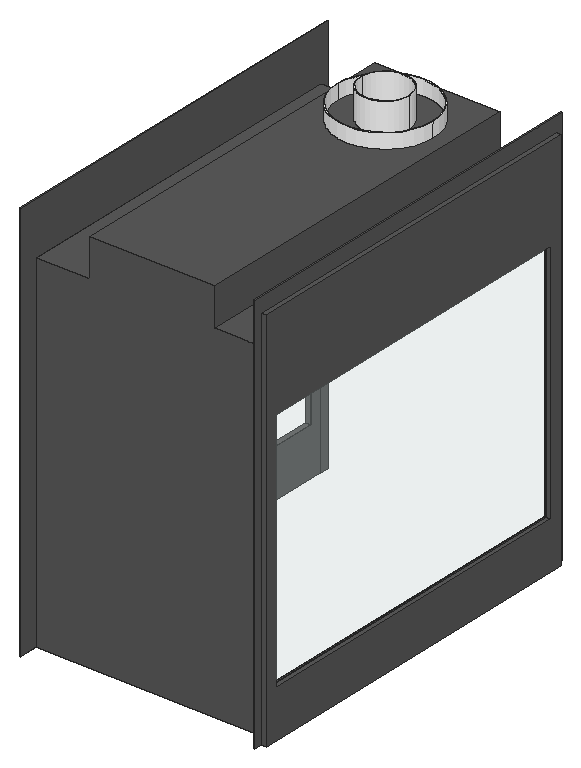
Revit family "HS38DF-ST", category Generic Models, Revit 2019
Family settings
  Can host rebar = No
  Round Connector Dimension = Use Diameter
  Part Type = Normal
  Work Plane-Based = No
  Always vertical = Yes
  Cut with Voids When Loaded = No
  Shared = No
  Room Calculation Point = No
Parameters
  Width = 12 5/16"
  URL = "https://www.montigo.com/"
  Model = ""
  Manufacturer Fax = ""
  Manufacturer Website = "https://www.montigo.com/"
  Manufacturer Phone - Toll Free = "800-378-3115"
  Manufacturer Phone = ""
  Manufacturer Address = "27342 Gloucester Way  Langley, BC, Canada   V4W 4A1"
  Manufacturer = "Montigo"
  Length = 53 7/16"
  Keynote = ""
  Glazing Tint = Glass - Montigo - Tint as Specified
  Frame Material = Metal - Montigo - Black
  Firebox Material = Metal - Montigo - White
  Fire Place Length = 50 5/16"
  Fire Place Height = 24 1/2"
  Fire Place - Opening = 16 9/16"
  Description = "Montigo Fireplace as Specified"
  Base Height = 6 9/16"
Reference planes (in)
  plane 1 "Center (Front/Back)": y = 0
  plane 2: z = 0
  plane 3 "Center (Left/Right)": x = 0
  plane 4: z = 4.875
  plane 5: z = 29.9375
Forms (in)
  Extrusion 1, solid, material "Metal - Montigo - Black" <- "Frame Material"
    sketch origin (0, 4.4865, 0) x (1, 0, 0) y (0, 1, 0)
      loop
        line (-6.39, -4.4865) -> (6.39, -4.4865) -> (6.39, 31.996) -> (-6.39, 31.996) -> (-6.39, -4.4865)
    from 0 to 39.625
  Extrusion 2, solid, material "Metal - Montigo - Black" <- "Frame Material"
    sketch origin (0, 0, 0) x (1, 0, 0) y (0, 1, 0)
      loop
        line (11.9715, 37.38825) -> (11.9715, -1.92175) -> (12.034, -1.92175) -> (12.034, 37.38825) -> (11.9715, 37.38825)
      loop
        line (-11.9715, 37.38825) -> (-12.034, 37.38825) -> (-12.034, -1.92175) -> (-11.9715, -1.92175) -> (-11.9715, 37.38825)
    from 0 to 41.125
  Extrusion 3, solid, material "Metal - Montigo - Black" <- "Frame Material"
    sketch origin (0, 4.4865, 0) x (1, 0, 0) y (0, 1, 0)
      loop
        line (-11.9715, -4.4865) -> (11.9715, -4.4865) -> (11.9715, 31.996) -> (-11.9715, 31.996) -> (-11.9715, -4.4865)
    from 0 to 35.75
  Extrusion 4, solid, material "Metal - Montigo - Black" <- "Frame Material"
    sketch origin (0, 0, 0) x (1, 0, 0) y (0, 1, 0)
      loop
        line (11.9715, -1.14175) -> (12.5955, -1.14175) -> (12.5955, 36.60825) -> (11.9715, 36.60825) -> (11.9715, -1.14175)
      loop
        line (-11.9715, -1.14175) -> (-11.9715, 36.60825) -> (-12.5955, 36.60825) -> (-12.5955, -1.14175) -> (-11.9715, -1.14175)
    from 0 to 39.625
  Extrusion 5, void
    sketch origin (0, 0, 0) x (0, 1, 0) y (0, 0, 1)
      loop
        line (35.35825, 29.9375) -> (0.10825, 29.9375) -> (0.10825, 4.875) -> (35.35825, 4.875) -> (35.35825, 29.9375)
    from 12.5955 to 11.9715
  Extrusion 6, void
    sketch origin (0, 0, 0) x (0, 1, 0) y (0, 0, -1)
      loop
        line (35.35825, -29.9375) -> (35.35825, -4.875) -> (0.10825, -4.875) -> (0.10825, -29.9375) -> (35.35825, -29.9375)
    from 12.5955 to 11.9715
Cuts and joins
  Extrusion 5, Extrusion 6 cuts Extrusion 1
  Extrusion 5, Extrusion 6 cuts Extrusion 2
  Extrusion 5, Extrusion 6 cuts Extrusion 3
  joined: Extrusion 1, Extrusion 2, Extrusion 3
  Extrusion 5, Extrusion 6 cuts Extrusion 4
Dimensions and locks (in)
  level to nested 4 = 33 9/16"
  nested 4 to level = 33 9/16"
  plane 1 "Center (Front/Back)" to Extrusion 1 = 36.4825"
  aligned and locked: level to plane 2
  aligned and locked: nested 2 to nested 1
  aligned and locked: nested 2 to plane 3 "Center (Left/Right)"
  aligned and locked: nested 1 to plane 3 "Center (Left/Right)"
  aligned and locked: nested 4 to plane 3 "Center (Left/Right)"
  aligned and locked: nested 3 to plane 3 "Center (Left/Right)"
Nested families (in)
  nested 1: "Duct Dia" at (0, 29.8125, 39.625) x (-1, 0, 0) z (0, 0, 1), type "5""
    with Intake Duct Dia 5", Intake Diameter 4 7/8", Height 3"
  nested 2: "Duct Dia" at (0, 29.8125, 39.625) x (-1, 0, 0) z (0, 0, 1), type "9 7/8""
    with Intake Duct Dia 9 7/8", Intake Diameter 9 3/4", Height 1 1/2"
  nested 3: "Duct Dia" at (0, 36.4825, 33.5625) x (-1, 0, 0) z (0, 1, 0), type "5""
    with Intake Duct Dia 5", Intake Diameter 4 7/8", Height 3"
  nested 4: "Duct Dia" at (0, 36.4825, 33.5625) x (-1, 0, 0) z (0, 1, 0), type "8""
    with Intake Duct Dia 8", Intake Diameter 7 7/8", Height 2 5/8"
Connectors (in)
  hvac at (0, 29.8125, 42.625)
    settings: on nested 1, index 4, duct flow 0.0 L/s, flow factor 0, pres drop 0.0 Pa, loss coef 0, conn angle 0.00°, conn width 304.8 mm, conn height 304.8 mm, conn diameter 127 mm, duct sys type 3, conn prof type 0, flow config 0, flow direction 0, loss method 0, conn ref index -1, conn util no, is conn primary yes, conn desc ""
  hvac at (0, 29.8125, 41.125)
    settings: on nested 2, index 5, duct flow 0.0 L/s, flow factor 0, pres drop 0.0 Pa, loss coef 0, conn angle 0.00°, conn width 304.8 mm, conn height 304.8 mm, conn diameter 203.2 mm, duct sys type 3, conn prof type 0, flow config 0, flow direction 0, loss method 0, conn ref index -1, conn util no, is conn primary no, conn desc ""
  hvac at (0, 39.4825, 33.5625)
    settings: on nested 3, index 6, duct flow 0.0 L/s, flow factor 0, pres drop 0.0 Pa, loss coef 0, conn angle 0.00°, conn width 304.8 mm, conn height 304.8 mm, conn diameter 127 mm, duct sys type 3, conn prof type 0, flow config 0, flow direction 0, loss method 0, conn ref index -1, conn util no, is conn primary no, conn desc ""
  hvac at (0, 39.1075, 33.5625)
    settings: on nested 4, index 7, duct flow 0.0 L/s, flow factor 0, pres drop 0.0 Pa, loss coef 0, conn angle 0.00°, conn width 304.8 mm, conn height 304.8 mm, conn diameter 203.2 mm, duct sys type 3, conn prof type 0, flow config 0, flow direction 0, loss method 0, conn ref index -1, conn util no, is conn primary no, conn desc ""
Definition of nested family "Duct Dia"
  Parameters (values of type "15 7/8" Dia.")
    Intake Duct Dia = 15 7/8"
    Intake Diameter = Intake Duct Dia - 1/8"  # 15 3/4"
    Height = 4"
    Firebox Material = none
    Default Elevation = 48"
  Types (12): name | Intake Duct Dia | Intake Diameter | Height
    9 7/8" Dia. | 9 7/8" | 9 3/4" | 4"
    7 7/8" Dia | 7 7/8" | 7 3/4" | 4"
    8 1/8" Dia | 8 1/8" | 8" | 1/4"
    11 3/4" Dia | 11 3/4" | 11 5/8" | 4"
    4" Dia | 10" | 9 7/8" | 4"
    7 3/4" Dia | 7 3/4" | 7 5/8" | 4"
    6 7/8" Dia | 6 7/8" | 6 3/4" | 1/4"
    9 3/4" Dia. | 9 3/4" | 9 5/8" | 4"
    7 1/8" Dia | 7 1/8" | 7" | 1/4"
    11 7/8" Dia. | 11 7/8" | 11 3/4" | 4"
    13 7/8" Dia. | 13 7/8" | 13 3/4" | 4"
    15 7/8" Dia. | 15 7/8" | 15 3/4" | 4"
  Reference planes (in)
    plane 1 "Center (Front/Back)": y = 0
    plane 2: z = 0
    plane 3 "Center (Left/Right)": x = 0
    plane 4: z = 4
  Forms (in)
    Extrusion 1, solid
      sketch origin (0, 0, 0) x (1, 0, 0) y (0, 1, 0)
        loop
          line (-48, 48) -> (-48, -48) -> (48, -48) -> (48, 48) -> (-48, 48)
      from 0 to -12
    Extrusion 2, solid, material <- "Firebox Material"
      sketch origin (0, 0, 0) x (1, 0, 0) y (0, 1, 0)
        loop
          circle (0, 0) r 7.9375
        loop
          circle (0, 0) r 7.875
      from 0 to 4
  Dimensions and locks (in)
    "Height": plane 4 to level
    "Intake Duct Dia": diameter of Extrusion 2 sketch curve
    "Intake Diameter": diameter of Extrusion 2 sketch curve
    aligned and locked: plane 2 to Extrusion 1
    aligned and locked: level to Extrusion 1
    aligned and locked: plane 4 to Extrusion 2
  Automatic sketch dimensions
    Extrusion 1 sketch curve to Extrusion 1 sketch curve = 96"  (x2)
    Extrusion 2 sketch curve to Extrusion 2 sketch curve = 0"  (x2)
    plane 1 "Center (Front/Back)" to Extrusion 2 sketch curve = 0"
    Extrusion 2 sketch curve to plane 3 "Center (Left/Right)" = 0"
